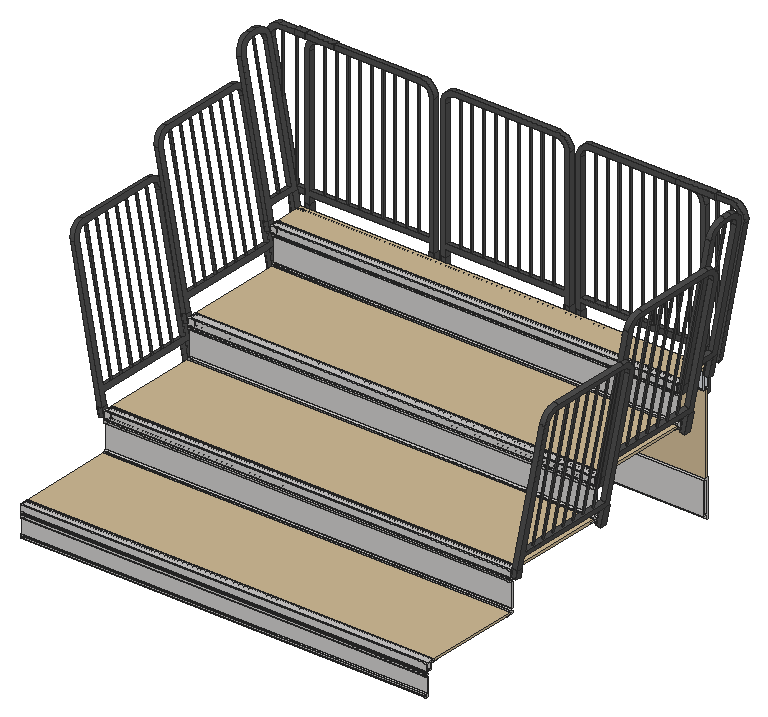
Revit family "Bleacher-Telescopic-Hussey-MAXAM_Plus-Portable-Simplified", category Specialty Equipment, Revit 2024 (continued)
Definition of nested family "Metro Chair-Single Row Array-Simplified"
  Definition of nested family "Metro Chair-Folded-Simplified"
    Automatic sketch dimensions
      level to curve 151 = 0' - 1.3279"
      curve 151 to curve 138 = 0' - 0"
      level to curve 151 = 0' - 1.40769"
      curve 151 to curve 138 = 0' - 0.0276"
      curve 144 to plane 6 "Host Level Offset Bottom" = 0' - 3.01073"
      curve 144 to curve 136 = 0' - 2.83816"
      curve 48 to curve 151 = 0' - 0.86035"
      curve 121 to curve 144 = 0' - 2.50621"
      curve 121 to curve 64 = 0' - 0.78114"
      curve 120 to curve 121 = 0' - 0"
      curve 126 to curve 121 = 0' - 0.50508"
      curve 65 to curve 48 = 0' - 1.43202"
      curve 78 to curve 65 = 0' - 0.00021"
      curve 120 to curve 140 = 0' - 3.55256"
      curve 72 to level = 0' - 0.46649"
      curve 72 to curve 65 = 0' - 0.17003"
      curve 126 to curve 121 = 0' - 1.02353"
      curve 129 to curve 126 = 0' - 0"
      level to curve 66 = 0' - 0.295"
      curve 66 to curve 72 = 0' - 0.30991"
      level to curve 47 = 0' - 0.29329"
      curve 47 to curve 66 = 0' - 0.00402"
      curve 66 to curve 66 = 0' - 0.18847"
      curve 67 to curve 66 = 0' - 0.25298"
      curve 72 to level = 0' - 0.2455"
      curve 78 to curve 66 = 0' - 0.31209"
      curve 66 to curve 78 = 0' - 0"
      curve 67 to curve 67 = 0' - 0.20132"
      curve 27 to curve 67 = 0' - 0"
      curve 76 to level = 0' - 0.33448"
      curve 76 to curve 72 = 0' - 0.23363"
      curve 70 to level = 0' - 0.89072"
      curve 70 to curve 76 = 0' - 0.05566"
      plane 7 "Host Level Offset Top" to curve 122 = 0' - 1.451"
      curve 122 to curve 126 = 0' - 0.88457"
      level to curve 63 = 0' - 0.92599"
      curve 63 to curve 67 = 0' - 0.40485"
      level to curve 63 = 0' - 0.96235"
      curve 63 to curve 63 = 0' - 0.0147"
      curve 26 to curve 63 = 0' - 0.0608"
      curve 65 to curve 26 = 0' - 0.00275"
      curve 73 to curve 26 = 0' - 0.01554"
      curve 71 to curve 76 = 0' - 0.23363"
      level to curve 76 = 0' - 0.84223"
      curve 76 to curve 65 = 0' - 0.22642"
      curve 73 to curve 27 = 0' - 0.71712"
      curve 73 to curve 76 = 0' - 0.55295"
      curve 122 to curve 126 = 0' - 1.92498"
      curve 121 to curve 122 = 0' - 0"
      curve 74 to curve 71 = 0' - 1.09878"
      curve 126 to curve 121 = 0' - 0.47817"
      curve 125 to curve 126 = 0' - 0.03453"
      curve 123 to curve 125 = 0' - 0.02477"
      level to curve 75 = 0' - 0.85591"
      curve 75 to curve 73 = 0' - 0.78986"
      curve 122 to curve 123 = 0' - 0.24034"
      plane 7 "Host Level Offset Top" to curve 124 = 0' - 2.67459"
      curve 124 to curve 125 = 0' - 0.31245"
      curve 123 to curve 124 = 0' - 0.02493"
      plane 7 "Host Level Offset Top" to curve 124 = 0' - 2.87768"
      curve 124 to curve 123 = 0' - 0"
      curve 69 to curve 74 = 0' - 1.52678"
      curve 69 to curve 70 = 0' - 0.17797"
      curve 69 to curve 69 = 0' - 0.46726"
      curve 68 to level = 0' - 0.03388"
      curve 68 to curve 69 = 0' - 0.62285"
      plane 5 "Front" to curve 20 = 0' - 0 1/16"
      curve 24 to plane 24 "Attachment to Riser" = 0' - 0 1/16"
      curve 19 to plane 24 "Attachment to Riser" = 0' - 0 1/16"
      plane 24 "Attachment to Riser" to curve 46 = 2' - 4.98618"
      curve 46 to curve 26 = 0' - 0.00098"
      curve 26 to curve 27 = 0' - 0.04541"
      curve 26 to curve 46 = 0' - 0.002"
      curve 64 to curve 140 = 1' - 0.0722"
      curve 94 to level = 0' - 2.54532"
      curve 70 to curve 68 = 0' - 0.2893"
      curve 74 to level = 0' - 0.63718"
      curve 4 to curve 6 = 0' - 0.4867"
      level to curve 141 = 0' - 0.79859"
      curve 5 to curve 7 = 0' - 0.26152"
      curve 102 to curve 87 = 0' - 0.06224"
      curve 103 to curve 102 = 0' - 0.05888"
      curve 7 to curve 15 = 0' - 0.56797"
      curve 16 to curve 19 = 0' - 0 1/16"
      curve 62 to curve 64 = 0' - 0.55614"
      curve 19 to curve 18 = 0' - 0 15/16"
      curve 60 to curve 62 = 0' - 0.2554"
      curve 101 to curve 104 = 0' - 0.04309"
      curve 115 to curve 119 = 0' - 0.58086"
      curve 104 to curve 100 = 0' - 0.04355"
      curve 130 to curve 131 = 0' - 0.09299"
      curve 115 to curve 114 = 0' - 0.2362"
      curve 131 to curve 134 = 0' - 0.25676"
      curve 113 to curve 113 = 0' - 0.23146"
      curve 119 to curve 115 = 0' - 0.00397"
      curve 116 to curve 115 = 0' - 0.00158"
      curve 112 to curve 112 = 0' - 0.58957"
      curve 112 to curve 111 = 0' - 0.00477"
      curve 18 to curve 9 = 0' - 1 3/8"
      curve 111 to curve 133 = 0' - 0.38526"
      curve 111 to curve 133 = 0' - 0.39744"
      curve 134 to curve 110 = 0' - 1.4067"
      curve 85 to curve 109 = 0' - 1.70877"
      curve 9 to curve 24 = 0' - 0 5/8"
      curve 109 to curve 127 = 0' - 0.22059"
      curve 110 to curve 132 = 0' - 0.3523"
      curve 94 to curve 80 = 0' - 0.73457"
      curve 84 to curve 82 = 0' - 0.02464"
      curve 121 to curve 129 = 0' - 1.2907"
      curve 94 to curve 98 = 0' - 0.23274"
      curve 132 to curve 13 = 0' - 0.18433"
      curve 80 to curve 79 = 0' - 0.21879"
      curve 82 to curve 80 = 0' - 0.06944"
      curve 98 to curve 99 = 0' - 0 19/128"
      curve 123 to curve 125 = 0' - 0.20177"
      curve 9 to curve 10 = 0' - 1 3/8"
      curve 23 to curve 22 = 0' - 0 15/16"
      curve 21 to curve 14 = 0' - 0 1/16"
      curve 10 to curve 12 = 0' - 0 1/4"
      level to curve 149 = 0' - 1.40769"
      plane 26 to curve 149 = 1' - 6.66057"
      curve 149 to curve 148 = 0' - 0.11721"
      curve 149 to curve 148 = 0' - 0"
      curve 149 to curve 149 = 0' - 0.11905"
      curve 150 to curve 148 = 0' - 0"
      plane 6 "Host Level Offset Bottom" to curve 148 = 0' - 3.84649"
      curve 150 to plane 6 "Host Level Offset Bottom" = 0' - 4.69744"
      curve 148 to curve 150 = 0' - 1.80319"
      level to curve 150 = 0' - 2.49508"
      curve 149 to curve 150 = 0' - 2.55721"
    Nested families (in)
      nested 1: "Metro Chair-2D Plan" at (-109.5, -12, 12), type "Metro Chair-2D Plan"
    Definition of nested family "Metro Chair-2D Plan"
      Parameters
        Default Elevation = 0' - 0"
        Created By = "Revitus"  # constant formula
        Creator URL = "http://www.revituspro.com/"
      Reference planes (in)
        plane 1 "Center (Front/Back)": y = 0
        plane 2: z = 0
        plane 3 "Center (Left/Right)": x = 0
      Lines and regions (in)
        Masking region 1
          outline origin (109.57707, 11.99477, 0) x (1, 0, 0) y (0, 1, 0)
            loop
              arc (-114.44926, -8.83618) -> (-115.08126, -8.94929) -> (-115.70753, -9.0907) r 14.27785
              arc (-115.70753, -9.0907) -> (-116.20556, -9.23429) -> (-116.68883, -9.42164) r 5.81636
              arc (-116.68883, -9.42164) -> (-117.011, -9.59758) -> (-117.29313, -9.83243) r 1.89191
              arc (-117.29313, -9.83243) -> (-117.46059, -10.07738) -> (-117.54238, -10.36259) r 0.93009
              arc (-117.54238, -10.36259) -> (-117.55749, -10.5444) -> (-117.57095, -10.72635) r 20.12699
              arc (-117.57095, -10.72635) -> (-117.64499, -12.08845) -> (-117.89752, -13.42899) r 10.34978
              arc (-117.89752, -13.42899) -> (-117.97658, -13.7437) -> (-118.05726, -14.05799) r 63.50731
              line (-118.05726, -14.05799) -> (-118.08112, -14.15075)
              arc (-118.08112, -14.15075) -> (-118.14175, -14.38729) -> (-118.20133, -14.6241) r 54.94124
              arc (-118.20133, -14.6241) -> (-118.26569, -14.90445) -> (-118.31945, -15.18701) r 7.64437
              arc (-118.31945, -15.18701) -> (-118.40719, -15.84832) -> (-118.46583, -16.51284) r 15.2029
              line (-118.46583, -16.51284) -> (-118.4805, -16.69575) -> (-118.50241, -16.95935) -> (-118.53395, -17.335)
              arc (-118.53395, -17.335) -> (-118.457, -17.48387) -> (-118.30054, -17.54391) r 0.23557
              line (-118.30054, -17.54391) -> (-117.18551, -17.53971)
              arc (-117.18551, -17.53971) -> (-117.00993, -17.46042) -> (-116.94956, -17.27747) r 0.23949
              arc (-116.94956, -17.27747) -> (-116.95084, -17.04557) -> (-116.94811, -16.81367) r 13.38597
              arc (-116.94811, -16.81367) -> (-116.90069, -16.27266) -> (-116.81229, -15.73681) r 7.14097
              arc (-116.81229, -15.73681) -> (-116.66021, -15.11684) -> (-116.44157, -14.51709) r 5.85858
              arc (-116.44157, -14.51709) -> (-116.36868, -14.35986) -> (-116.28861, -14.20616) r 3.75283
              arc (-116.28861, -14.20616) -> (-116.00556, -14.05744) -> (-115.70156, -13.95837) r 1.89664
              arc (-115.70156, -13.95837) -> (-115.42559, -13.88799) -> (-115.1478, -13.82518) r 10.42316
              arc (-115.1478, -13.82518) -> (-114.81268, -13.75676) -> (-114.47641, -13.69417) r 19.68683
              arc (-114.47641, -13.69417) -> (-114.06818, -13.62437) -> (-113.65908, -13.55986) r 31.98673
              arc (-113.65908, -13.55986) -> (-113.11985, -13.48242) -> (-112.57949, -13.4133) r 35.32242
              arc (-112.57949, -13.4133) -> (-111.80159, -13.32905) -> (-111.02176, -13.26518) r 29.90804
              arc (-111.02176, -13.26518) -> (-110.29984, -13.2277) -> (-109.57707, -13.21444) r 21.56131
              arc (-109.57707, -13.21444) -> (-108.8543, -13.2277) -> (-108.13238, -13.26518) r 21.56131
              arc (-108.13238, -13.26518) -> (-107.35254, -13.32905) -> (-106.57464, -13.4133) r 29.90804
              arc (-106.57464, -13.4133) -> (-106.03429, -13.48242) -> (-105.49506, -13.55986) r 35.32242
              arc (-105.49506, -13.55986) -> (-105.08596, -13.62437) -> (-104.67772, -13.69417) r 31.98673
              arc (-104.67772, -13.69417) -> (-104.34146, -13.75676) -> (-104.00633, -13.82518) r 19.68683
              arc (-104.00633, -13.82518) -> (-103.72854, -13.88799) -> (-103.45258, -13.95837) r 10.42316
              arc (-103.45258, -13.95837) -> (-103.14857, -14.05744) -> (-102.86553, -14.20616) r 1.89664
              arc (-102.86553, -14.20616) -> (-102.78546, -14.35986) -> (-102.71256, -14.51709) r 3.75283
              arc (-102.71256, -14.51709) -> (-102.49393, -15.11684) -> (-102.34184, -15.73681) r 5.85858
              arc (-102.34184, -15.73681) -> (-102.25344, -16.27266) -> (-102.20603, -16.81367) r 7.14097
              arc (-102.20603, -16.81367) -> (-102.20329, -17.04557) -> (-102.20457, -17.27747) r 13.38597
              arc (-102.20457, -17.27747) -> (-102.1442, -17.46042) -> (-101.96863, -17.53971) r 0.23949
              line (-101.96863, -17.53971) -> (-100.8536, -17.54391)
              arc (-100.8536, -17.54391) -> (-100.69714, -17.48387) -> (-100.62018, -17.335) r 0.23557
              line (-100.62018, -17.335) -> (-100.65173, -16.95935) -> (-100.67363, -16.69575) -> (-100.6883, -16.51284)
              arc (-100.6883, -16.51284) -> (-100.74694, -15.84832) -> (-100.83468, -15.18701) r 15.2029
              arc (-100.83468, -15.18701) -> (-100.88845, -14.90445) -> (-100.95281, -14.6241) r 7.64437
              arc (-100.95281, -14.6241) -> (-101.01238, -14.38729) -> (-101.07301, -14.15075) r 54.94124
              line (-101.07301, -14.15075) -> (-101.09687, -14.05799)
              arc (-101.09687, -14.05799) -> (-101.17755, -13.7437) -> (-101.25662, -13.42899) r 63.50731
              arc (-101.25662, -13.42899) -> (-101.50915, -12.08845) -> (-101.58318, -10.72635) r 10.34978
              arc (-101.58318, -10.72635) -> (-101.59664, -10.5444) -> (-101.61175, -10.36259) r 20.12699
              arc (-101.61175, -10.36259) -> (-101.69355, -10.07738) -> (-101.861, -9.83243) r 0.93009
              arc (-101.861, -9.83243) -> (-102.14313, -9.59758) -> (-102.4653, -9.42164) r 1.89191
              arc (-102.4653, -9.42164) -> (-102.94857, -9.23429) -> (-103.4466, -9.0907) r 5.81636
              arc (-103.4466, -9.0907) -> (-104.07288, -8.94929) -> (-104.70487, -8.83618) r 14.27785
              arc (-104.70487, -8.83618) -> (-105.42099, -8.73397) -> (-106.13987, -8.65342) r 23.97251
              arc (-106.13987, -8.65342) -> (-106.95432, -8.58448) -> (-107.77027, -8.53637) r 31.99767
              arc (-107.77027, -8.53637) -> (-108.67343, -8.50495) -> (-109.57707, -8.49477) r 38.43776
              arc (-109.57707, -8.49477) -> (-110.48071, -8.50495) -> (-111.38386, -8.53637) r 38.43776
              arc (-111.38386, -8.53637) -> (-112.19981, -8.58448) -> (-113.01427, -8.65342) r 31.99767
              arc (-113.01427, -8.65342) -> (-113.73314, -8.73397) -> (-114.44926, -8.83618) r 23.97251
            loop
              arc (-109.57707, -14.03505) -> (-112.00982, -14.13419) -> (-114.43848, -14.30649) r 80.89249
              arc (-114.43848, -14.30649) -> (-114.78323, -14.35257) -> (-115.12523, -14.4159) r 6.92664
              arc (-115.12523, -14.4159) -> (-115.74074, -14.72617) -> (-116.14273, -15.2861) r 1.4462
              arc (-116.14273, -15.2861) -> (-116.21214, -15.58271) -> (-116.25854, -15.88377) r 3.9602
              arc (-116.25854, -15.88377) -> (-116.31031, -16.70559) -> (-116.32416, -17.52892) r 17.86323
              arc (-116.32416, -17.52892) -> (-116.33953, -17.85271) -> (-116.36909, -18.17552) r 7.39074
              arc (-116.36909, -18.17552) -> (-116.49609, -18.69425) -> (-116.71446, -19.18161) r 2.9527
              arc (-116.71446, -19.18161) -> (-117.10122, -19.91263) -> (-117.25753, -20.72475) r 2.79982
              arc (-117.25753, -20.72475) -> (-117.22822, -21.15131) -> (-117.20422, -21.5782) r 34.37689
              arc (-117.20422, -21.5782) -> (-117.11629, -21.80862) -> (-116.95159, -21.99218) r 0.67622
              arc (-116.95159, -21.99218) -> (-116.37688, -22.30061) -> (-115.75605, -22.5006) r 3.60984
              arc (-115.75605, -22.5006) -> (-112.68598, -23.01834) -> (-109.57707, -23.18583) r 27.50676
              arc (-109.57707, -23.18583) -> (-106.46816, -23.01834) -> (-103.39809, -22.5006) r 27.50676
              arc (-103.39809, -22.5006) -> (-102.77726, -22.30061) -> (-102.20255, -21.99218) r 3.60984
              arc (-102.20255, -21.99218) -> (-102.03784, -21.80862) -> (-101.94991, -21.5782) r 0.67622
              arc (-101.94991, -21.5782) -> (-101.92591, -21.15131) -> (-101.8966, -20.72475) r 34.37689
              arc (-101.8966, -20.72475) -> (-102.05292, -19.91263) -> (-102.43967, -19.18161) r 2.79982
              arc (-102.43967, -19.18161) -> (-102.65804, -18.69425) -> (-102.78505, -18.17552) r 2.9527
              arc (-102.78505, -18.17552) -> (-102.8146, -17.85271) -> (-102.82998, -17.52892) r 7.39074
              arc (-102.82998, -17.52892) -> (-102.84382, -16.70559) -> (-102.89559, -15.88377) r 17.86323
              arc (-102.89559, -15.88377) -> (-102.942, -15.58271) -> (-103.0114, -15.2861) r 3.9602
              arc (-103.0114, -15.2861) -> (-103.41339, -14.72617) -> (-104.0289, -14.4159) r 1.4462
              arc (-104.0289, -14.4159) -> (-104.37091, -14.35257) -> (-104.71566, -14.30649) r 6.92664
              arc (-104.71566, -14.30649) -> (-107.14432, -14.13419) -> (-109.57707, -14.03505) r 80.89249
      Dimensions and locks (in)
        aligned and locked: level to plane 2
